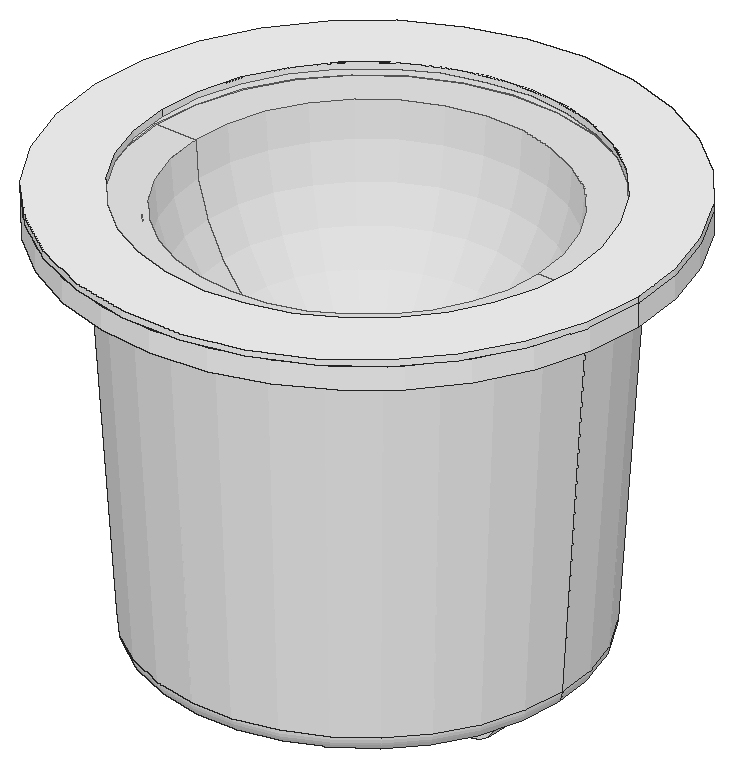
Revit family "2058895 Feilo Sylvania Lighting Fixture MYRD IP FL 2-7K DALIEM BLK WBEZ", category Lighting Fixtures, host Face, Revit 2017
Family settings
  Host = Face
  Round Connector Dimension = Use Diameter
  Part Type = Normal
  OmniClass Number = 23.80.70.11.17
  OmniClass Title = Specialized Lighting by Location or Use
  Cut with Voids When Loaded = No
  Light Source = Yes
  Shared = No
  Room Calculation Point = No
Parameters
  Weight = "1.44 kg"
  Wattage = 15 W
  WarrantyStartDate [instance] = "n/a"
  WarrantyGuarantorParts = "n/a"
  WarrantyDurationUnit = "n/a"
  WarrantyDurationParts = "n/a"
  WarrantyDescription = "n/a"
  built-in parameter 1150110 = 1 (stored number, unit not read)
  Voltage = 230 V
  URL = "http://www.sylvania-lighting.com"
  TypeName = "MYRD IP FL 2.7K DALIEM BLK WBEZ"
  Type Image = 0
  Type Comments = ""
  built-in parameter 1114217 = 1 (stored number, unit not read)
  Tilt Angle = -90°
  built-in parameter 1150109 = 1 (stored number, unit not read)
  built-in parameter 1150134 = (empty or 0)
  built-in parameter 1150113 = 1 (stored number, unit not read)
  SerialNumber [instance] = "n/a"
  Reflector Radius = Cutout Diameter / 2 - 2.5 mm  # 35.0 mm
  Reflector Material = Aluminum_Sylvania_Myriad_Bright
  Recessed Depth = Height  # 72.0 mm
  PowerFactor = 0
  PowerConsumption = "15 W"
  Photometric Web File = ""
  NominalWidth = 0.0 mm
  NominalLength = 76.0 mm
  NominalHeight = 72.0 mm
  Name = "MYRD IP FL 2.7K DALIEM BLK WBEZ"
  ModelReference = "MYRD IP FL 2.7K DALIEM BLK WBEZ"
  ModelNumber = "2058895"
  Material = "Aluminium"
  ManufacturerName = "Feilo Sylvania"
  LuminousEfficacy = "57 lm/W"
  LuminaireType = "Ceiling recessed"
  LightOutputRatio = "1"
  LampsType = Lamp  # "LED"
  LampNominalLuminous = "889 lm"
  LampMacAdamStep = "n/a"
  LampColourTemperature = "2700 K"
  LampColourRenderingIndex = "n/a"
  Keynote = "16500"
  Keynote_2 = "16500"
  InstallationDate [instance] = "n/a"
  InputVoltage = "230-240V~"
  InputNominalFrequency = "50/60 Hz"
  IngressProtection = "IP65"
  ImpactProtectionIndex = "IK02"
  IfcExportType = "IfcLightFixtureType"
  IfcExportAs = "IfcLightFixtureType"
  Height = 72.0 mm  # constant formula
  ExpectedLife = 50000
  Emit from Circle Diameter = Accessory Inner Diameter 2  # 68.0 mm
  Emit Shape Visible in Rendering = no
  ElectricShockClassification = "Class II"
  DurationUnit = "hours"
  DocumentationLiterature = "http://www.sylvania-lighting.com/product/en-int/products/2058895"
  DimmingControlOptions = "Dimmable"
  Diffuser Material = Glass_Sylvania_Myriad_Clear_4000K
  Diffuser Diameter = Cutout Diameter  # 75.0 mm
  Cutout Diameter = 75.0 mm  # constant formula
  CreatedOn = "03-11-2017"
  CreatedBy = ""
  Cost = 0
  built-in parameter 1114216 [instance] = 1 (stored number, unit not read)
  built-in parameter 1150142 = (empty or 0)
  Model = "MYRD IP FL 2.7K DALIEM BLK WBEZ"
  Manufacturer = "Feilo Sylvania"  # constant formula
  built-in parameter 1150105 = 68.039 (stored number, unit not read)
  Lumens = 855 lm
  built-in parameter 1150115 = 1 (stored number, unit not read)
  built-in parameter 1150137 = (empty or 0)
  built-in parameter 1150139 = (empty or 0)
  built-in parameter 1150112 = 1 (stored number, unit not read)
  built-in parameter 1150114 = 1 (stored number, unit not read)
  Lamp = "LED"
  built-in parameter 1150132 = (empty or 0)
  built-in parameter 1150102 = (empty or 0)
  built-in parameter 1150107 = 2700 (stored number, unit not read)
  built-in parameter 1150138 = (empty or 0)
  built-in parameter 1150106 = 0.68039 (stored number, unit not read)
  built-in parameter 1150104 = 5.2955 (stored number, unit not read)
  Dimming Lamp Color Temperature Shift = (empty or 0)
  Description = "Supplied complete with electronic control gear Compact Fluorescent low energy downlight Emergency version passes through the cut out Ideal for low level orientation lighting New range of Architectural accessories each providing a different lit dimension New completely flush plaster up accessory ring for clean ceiling lines and smooth finish Order lamp separately"  # constant formula
  Default Elevation = 0.0 mm
  Color Filter = 16777215
  built-in parameter 1140040 [instance] = 1
  Body Radius = Reflector Radius + 1.5 mm  # 36.5 mm
  Body Material = Aluminum_Sylvania_Myriad_Gray
  BarCode [instance] = "n/a"
  built-in parameter 1114218 = 1 (stored number, unit not read)
  built-in parameter 1150133 = 10 (stored number, unit not read)
  AssetType = "Fixed"
  AssetIdentifier [instance] = "n/a"
  Assembly Code = "D5020200"
  Apparent Load = 15 VA
  Accessory Material = Aluminum_Sylvania_Myriad_White
  Accessory Inner Diameter 2 = Accessory Diameter - 22.0 mm  # 68.0 mm
  Accessory Inner Diameter 1 = Accessory Diameter - 2.0 mm  # 88.0 mm
  Accessory Diameter = Cutout Diameter + 15.0 mm  # 90.0 mm
Reference planes
  plane 1 "Center (Front/Back)": y = 0
  plane 2: z = 0
  plane 3 "Center (Left/Right)": x = 0
  plane 4: z = 2
  plane 5 "Fixture Bottom": z = 4.5
  plane 6: z = -28.5
  plane 7: z = -61.5
  plane 8 "Fixture Top": z = -67.5
  plane 9: z = 3.5
Forms (mm)
  Revolve 1, solid, material "Aluminum_Sylvania_Myriad_Bright" <- "Reflector Material", detail levels fine
    sketch origin (0, 0, 0) x (1, 0, 0) y (0, 0, 1)
      loop
        line (0, -27.515) -> (-6, -27.515)
        arc (-6, -27.515) -> (-22.333, -16.632) -> (-28.5, 2) r 30.135
        line (-28.5, 2) -> (-35, 2) -> (-35, 0) -> (-29.184, 0)
        arc (-29.184, 0) -> (-22.423, -18.18) -> (-6, -28.5) r 30.204
        line (-6, -28.5) -> (0, -28.5) -> (0, -27.515)
      axis (0, -28.5) -> (0, 2)
    angle from 0 to 360
  Revolve 2, solid, material "Aluminum_Sylvania_Myriad_Gray" <- "Body Material", detail levels fine
    sketch origin (0, 0, 0) x (1, 0, 0) y (0, 0, 1)
      loop
        line (-44, 2) -> (-44, 0) -> (-36.5, 0) -> (-32.42, -58.708)
        arc (-32.42, -58.708) -> (-31.474, -60.694) -> (-29.428, -61.5) r 3
        line (-29.428, -61.5) -> (0, -61.5) -> (0, -28.5) -> (-6, -28.5)
        arc (-6, -28.5) -> (-22.423, -18.18) -> (-29.184, 0) r 30.204
        line (-29.184, 0) -> (-35, 0) -> (-35, 2) -> (-44, 2)
      axis (0, 2) -> (0, -61.5)
    angle from 0 to 360
  Extrusion 3, solid, material "Aluminum_Sylvania_Myriad_Gray" <- "Body Material", detail levels fine
    sketch origin (0, 0, 0) x (1, 0, 0) y (0, 0, 1)
      loop
        line (-13.5, -67.5) -> (21, -67.5)
        arc (21, -67.5) -> (23.828, -66.328) -> (25, -63.5) r 4
        line (25, -63.5) -> (25, -61.5) -> (-17.5, -61.5) -> (-17.5, -63.5)
        arc (-17.5, -63.5) -> (-16.328, -66.328) -> (-13.5, -67.5) r 4
    from -4.5 to 4.5
  Extrusion 4, solid, material "Aluminum_Sylvania_Myriad_White" <- "Accessory Material", detail levels fine
    sketch origin (0, 0, 0) x (1, 0, 0) y (0, 1, 0)
      loop
        circle (0, 0) r 45
      loop
        circle (0, 0) r 44
    from 0 to 3.5
  Extrusion 5, solid, material "Aluminum_Sylvania_Myriad_White" <- "Accessory Material", detail levels fine
    sketch origin (0, 0, 0) x (1, 0, 0) y (0, 1, 0)
      loop
        circle (0, 0) r 45
      loop
        circle (0, 0) r 34
    from 3.5 to 4.5
  Extrusion 6, solid, material "Aluminum_Sylvania_Myriad_White" <- "Accessory Material", detail levels coarse+medium
    sketch origin (0, 0, 0) x (1, 0, 0) y (0, 1, 0)
      loop
        circle (0, 0) r 45
    from 0 to 4.5
  Revolve 7, solid, detail levels coarse+medium
    sketch origin (0, 0, 0) x (1, 0, 0) y (0, 0, 1)
      loop
        line (36.5, 0) -> (0, 0) -> (0, -61.5) -> (32.226, -61.5) -> (36.5, 0)
      axis (0, 0) -> (0, -61.5)
    angle from 0 to 360
  Extrusion 8, void
    sketch origin (0, 0, 0) x (1, 0, 0) y (0, 1, 0)
      loop
        circle (0, 0) r 37.5
    from -67.5 to 0
  Extrusion 9, solid, material "Glass_Sylvania_Myriad_Clear_4000K" <- "Diffuser Material", detail levels fine
    sketch origin (0, 0, 0) x (1, 0, 0) y (0, 1, 0)
      loop
        circle (0, 0) r 37.5
    from 2 to 3.5
Cuts and joins
  joined: Extrusion 4, Extrusion 5
Lines and regions (mm)
  Masking region 1
    outline origin (0, 0, 0) x (1, 0, 0) y (0, 1, 0)
      loop
        circle (0, 0) r 45
  symbolic lines
    curve 1: arc (-34, 0, 0) -> (0, 34, 0) -> (34, 0, 0) r 34
    curve 2: arc (34, 0, 0) -> (0, -34, 0) -> (-34, 0, 0) r 34
Dimensions and locks
  locked: plane 7 to plane 8 "Fixture Top" at 6
  "Body Radius": Revolve 7 sketch curve to plane 3 "Center (Left/Right)"
  locked: Revolve 7 sketch curve to Revolve 7 sketch curve at 4.274
  plane 5 "Fixture Bottom" to plane 9 to plane 4 to plane 2 to plane 6 = 1.0 mm locked, 1.5 mm locked, 2.0 mm locked, 28.5 mm locked
  "Reflector Radius": Revolve 1 sketch curve to plane 3 "Center (Left/Right)"
  Revolve 1 sketch curve to Revolve 1 sketch curve to Revolve 1 sketch curve to Revolve 1 sketch curve = 6.5 mm locked, 22.5 mm locked, 0.0 mm locked
  "Reflector Radius": plane 3 "Center (Left/Right)" to Revolve 2 sketch curve
  Revolve 2 sketch curve to Revolve 2 sketch curve to Revolve 2 sketch curve = 7.5 mm locked, 1.5 mm locked
  Revolve 2 sketch curve to Revolve 2 sketch curve to Revolve 2 sketch curve = 5.816 mm locked, 23.184 mm locked
  Revolve 2 sketch curve to Revolve 2 sketch curve to Revolve 2 sketch curve = 2.58 mm locked, 2.993 mm locked
  "Accessory Diameter": diameter of Extrusion 4 sketch curve
  "Accessory Inner Diameter 1": diameter of Extrusion 4 sketch curve
  "Accessory Diameter": diameter of Extrusion 5 sketch curve
  "Accessory Diameter": diameter of Extrusion 6 sketch curve
  "Cutout Diameter": diameter of Extrusion 8 sketch curve
  "Accessory Inner Diameter 2": diameter of Extrusion 5 sketch curve
  "Diffuser Diameter": diameter of Extrusion 9 sketch curve
  aligned and locked: plane 2 to host face
  aligned and locked: level to host face
  aligned and locked: plane 1 "Center (Front/Back)" to imposter light
  aligned and locked: plane 3 "Center (Left/Right)" to imposter light
  aligned and locked: Revolve 1 sketch curve to imposter light
  aligned and locked: Extrusion 3 sketch curve to plane 8 "Fixture Top"
  aligned and locked: plane 7 to Extrusion 3 sketch curve
  aligned and locked: Extrusion 4 to plane 2
  aligned and locked: plane 9 to Extrusion 4
  aligned and locked: Extrusion 5 to plane 9
  aligned and locked: plane 5 "Fixture Bottom" to Extrusion 5
  aligned and locked: Extrusion 6 to plane 2
  aligned and locked: plane 5 "Fixture Bottom" to Extrusion 6
  aligned and locked: Extrusion 8 to plane 8 "Fixture Top"
  aligned and locked: plane 2 to Extrusion 8
  aligned and locked: Masking region 1 sketch curve to Extrusion 6  (x2)
  aligned and locked: Extrusion 9 to plane 4
  aligned and locked: plane 9 to Extrusion 9
  aligned and locked: plane 4 to Revolve 2 sketch curve
  aligned and locked: Revolve 2 sketch curve to plane 2
  aligned and locked: curve 1 to cut or joined group of Extrusion 4, Extrusion 5
  aligned and locked: curve 2 to cut or joined group of Extrusion 4, Extrusion 5
  aligned and locked: imposter light to plane 5 "Fixture Bottom"
Automatic sketch dimensions
  host sketch curve to host sketch curve = 1305.563 mm
  host sketch curve to host sketch curve = 1283.632 mm
  Extrusion 3 sketch curve to plane 7 = 2.0 mm
  Extrusion 3 sketch curve to plane 3 "Center (Left/Right)" = 13.5 mm
  plane 3 "Center (Left/Right)" to Extrusion 3 sketch curve = 21.0 mm
  Extrusion 3 sketch curve to Extrusion 3 sketch curve = 4.0 mm
  Revolve 1 sketch curve to level = 0.0 mm
  Revolve 1 sketch curve to plane 3 "Center (Left/Right)" = 0.0 mm
  Revolve 1 sketch curve to plane 6 = 0.0 mm
  Revolve 1 sketch curve to plane 4 = 0.0 mm
  Revolve 1 sketch curve to Revolve 1 sketch curve = 0.684 mm
  level to Revolve 1 sketch curve = 0.88 mm
  Revolve 1 sketch curve to plane 4 = 0.363 mm
  Revolve 1 sketch curve to Revolve 1 sketch curve = 0.625 mm
  Revolve 1 sketch curve to plane 8 "Fixture Top" = 232.8 mm
  plane 5 "Fixture Bottom" to Revolve 1 sketch curve = 291.243 mm
  Revolve 2 sketch curve to plane 3 "Center (Left/Right)" = 0.0 mm  (x2)
  Revolve 2 sketch curve to plane 7 = 0.0 mm
  Revolve 2 sketch curve to plane 6 = 0.0 mm
  Revolve 2 sketch curve to level = 0.0 mm
  level to Revolve 2 sketch curve = 0.88 mm
  plane 7 to Revolve 2 sketch curve = 2.792 mm
  Revolve 2 sketch curve to plane 8 "Fixture Top" = 304.774 mm
  plane 5 "Fixture Bottom" to Revolve 2 sketch curve = 1137.105 mm
  Extrusion 4 sketch curve to Extrusion 4 sketch curve = 0.0 mm  (x2)
  plane 1 "Center (Front/Back)" to Extrusion 4 sketch curve = 0.0 mm
  Extrusion 4 sketch curve to plane 3 "Center (Left/Right)" = 0.0 mm
  Extrusion 5 sketch curve to Extrusion 5 sketch curve = 0.0 mm  (x2)
  plane 1 "Center (Front/Back)" to Extrusion 5 sketch curve = 0.0 mm
  Extrusion 5 sketch curve to plane 3 "Center (Left/Right)" = 0.0 mm
  plane 1 "Center (Front/Back)" to Extrusion 6 sketch curve = 0.0 mm
  Extrusion 6 sketch curve to plane 3 "Center (Left/Right)" = 0.0 mm
  Revolve 7 sketch curve to level = 0.0 mm
  Revolve 7 sketch curve to plane 3 "Center (Left/Right)" = 0.0 mm  (x2)
  Revolve 7 sketch curve to plane 7 = 0.0 mm
  Revolve 7 sketch curve to plane 8 "Fixture Top" = 304.774 mm
  plane 5 "Fixture Bottom" to Revolve 7 sketch curve = 43.226 mm
  plane 1 "Center (Front/Back)" to Extrusion 8 sketch curve = 0.0 mm
  Extrusion 8 sketch curve to plane 3 "Center (Left/Right)" = 0.0 mm
  plane 1 "Center (Front/Back)" to Extrusion 9 sketch curve = 0.0 mm
  Extrusion 9 sketch curve to plane 3 "Center (Left/Right)" = 0.0 mm
Connectors
  electrical at (-0.006, -0.019, -67.5), driven by "Apparent Load", driven by "Apparent Load"
    settings: on plane 8 "Fixture Top", index 1, voltage 230 V, apparent load 15 VA, apparent load phase1 15 VA, apparent load phase2 0 VA, apparent load phase3 0 VA, power factor 1, load classification "Lighting", number of poles 1, system type 30, power factor state 1, is connector primary yes, connector utility no, sub classification motor no, connector description ""
